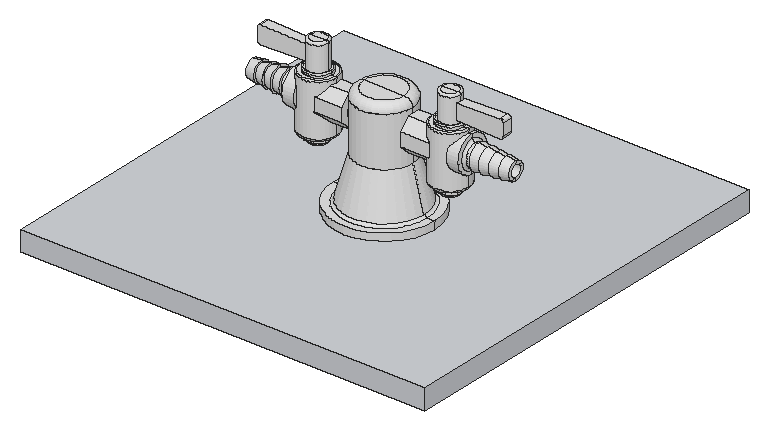
Revit family
Parameters (values of type "TG39C")
  WELSRating_ANZRS = ""
  URL = "www.galvinengineering.com.au"
  Type Comments = "Recommended Working Pressure 1 to 3 kPa (AS 5601)"
  TurretType = Straight Turret : Straight Turret
  StyleOrType_ANZRS = "Plumbing Fixture"
  PlumbingMaterial_ANZRS = Metal_Taps_DR-Brass-with-Chrome-Finish_10800
  Outlet = "Straight Turret"
  ModifiedIssue_ANZRS = 20120407.01  # constant formula
  Model = "TG39C"
  MinimumTemperature = 0 °C
  MinimumPressure = 0.00 kPa
  MaximumTemperature = 60 °C
  MaximumPressure = 7.00 kPa
  Manufacturer = "Galvin Engineering"
  Keynote = "10800"
  Instructions = "http://www.galvinengineering.com.au/Installation_Guides_1.aspx"
  Inlet = "15 BSP Male (15mm BSP female inlet available on request)"
  FlowRate = 0.023 m³/h
  FilterObject_ANZRS = "TG39"
  Description = "CP Lab 2-Way Straight Turret Type 39 - 180º"
  Default Elevation = 900 mm
  CreatedBy_ANZRS = "Galvin Engineering"
  CreatedByURL_ANZRS = "www.galvinengineering.com.au"
  CreatedByPhoneNo_ANZRS = "61-8-92495900"
  Circulation_ANZRS = yes
  Assembly Code = "D2090100"
Types (5, lengths in mm): name | TurretType | PlumbingMaterial_ANZRS | Outlet | Model | Description
  (no name) | Straight Turret : Straight Turret | Metal_Taps_DR-Brass-with-Chrome-Finish_10800 | "Straight Turret" | "TG39C" | "CP Lab 2-Way Straight Turret Type 39 - 180º"
  TG39C | Straight Turret : Straight Turret | Metal_Taps_DR-Brass-with-Chrome-Finish_10800 | "Straight Turret" | "TG39C" | "CP Lab 2-Way Straight Turret Type 39 - 180º"
  TG39RAC | Right Angle Turret : Right Angle Turret | Metal_Taps_DR-Brass-with-Chrome-Finish_10800 | "Right Angle Turret" | "TG39RAC" | "CP Lab 2-Way Right Angle Turret Type 39 - 180º"
  TG39E | Straight Turret : Straight Turret | Metal_Taps_DR-Brass-with-Epoxy-Coating_10800 | "Straight Turret" | "TG39C" | "Epoxy Coated Lab 2-Way Straight Turret Type 39 - 180º"
  TG39RAE | Right Angle Turret : Right Angle Turret | Metal_Taps_DR-Brass-with-Epoxy-Coating_10800 | "Right Angle Turret" | "TG39RAC" | "Epoxy Coated Lab 2-Way Right Angle Turret Type 39 - 180º"
Reference planes
  plane 1 "Center (Front/Back)": y = 0
  plane 2 "Face": z = 0
  plane 3 "Center (Left/Right)": x = 0
Forms (mm)
  Extrusion 1, solid
    sketch origin (0, -919.2, 0) x (1, 0, 0) y (0, 1, 0)
      loop
        line (-100, 1019.2) -> (-100, 819.2) -> (100, 819.2) -> (100, 1019.2) -> (-100, 1019.2)
    from 0 to -10
  Revolve 2, solid, material "Metal_Taps_DR-Brass-with-Chrome-Finish_10800" <- "PlumbingMaterial_ANZRS"
    sketch origin (0, 0, 0) x (1, 0, 0) y (0, 0, 1)
      loop
        line (-13.85, 25.5) -> (-19.692, 4.793)
        arc (-19.692, 4.793) -> (-20.23, 4.004) -> (-21.135, 3.7) r 1.5
        line (-21.135, 3.7) -> (-25, 3.7) -> (-25, 0) -> (0, 0) -> (0, 54) -> (-9.85, 54)
        arc (-9.85, 54) -> (-12.678, 52.828) -> (-13.85, 50) r 4
        line (-13.85, 50) -> (-13.85, 25.5)
      axis (0, 54) -> (0, 0)
    angle from 0 to 360
  Extrusion 3, solid, material "Metal_Taps_DR-Brass-with-Chrome-Finish_10800" <- "PlumbingMaterial_ANZRS"
    sketch origin (0, 0, 0) x (0, 1, 0) y (0, 0, 1)
      loop
        circle (0, 40.019) r 4.85
    from 11.787 to 14.646
  Extrusion 4, solid, material "Metal_Taps_DR-Brass-with-Chrome-Finish_10800" <- "PlumbingMaterial_ANZRS"
    sketch origin (0, 0, 0) x (0, 1, 0) y (0, 0, -1)
      loop
        circle (0, -40.019) r 4.85
    from 11.787 to 14.646
Cuts and joins
  joined: Revolve 2, Extrusion 3, Extrusion 4
Lines and regions (mm)
  symbolic lines, style "Taps/Mixers"
    curve 1: arc (0, 21.135, 3.7) -> (0, 20.23, 4.004) -> (0, 19.692, 4.793) r 1.5
    curve 2: arc (0, -19.692, 4.793) -> (0, -20.23, 4.004) -> (0, -21.135, 3.7) r 1.5
    curve 3: arc (0, -13.85, 50) -> (0, -12.678, 52.828) -> (0, -9.85, 54) r 4
    curve 4: arc (0, 9.85, 54) -> (0, 12.678, 52.828) -> (0, 13.85, 50) r 4
    curve 5: line (0, -19.692, 4.793) -> (0, -13.85, 25.5)
    curve 6: line (0, -13.85, 25.5) -> (0, -8.982, 25.5)
    curve 7: line (0, 19.692, 4.793) -> (0, 13.85, 25.5)
    curve 8: line (0, -25, 3.7) -> (0, -25, 0)
    curve 9: line (0, 25, 0) -> (0, 25, 3.7)
    curve 10: line (0, 25, 3.7) -> (0, -25, 3.7)
    curve 11: line (0, 13.85, 25.5) -> (0, 13.85, 50)
    curve 12: line (0, -13.85, 25.5) -> (0, -13.85, 50)
    curve 13: line (0, 9.85, 54) -> (0, 4.995, 54)
    curve 14: line (0, -25, 0) -> (0, 25, 0)
    curve 15: arc (18.581, 8, 0) -> (-20.23, 0, 0) -> (18.581, -8, 0) r 20.23
    curve 16: circle (0, 0, 0) r 13.85 normal (0, 0, 1)
    curve 17: arc (24.213, 8, 0) -> (-0.032, 25.5, 0) -> (-24.232, 7.94, 0) r 25.5
    curve 18: arc (-21.135, 0, 3.7) -> (-20.23, 0, 4.004) -> (-19.692, 0, 4.793) r 1.5
    curve 19: arc (19.692, 0, 4.793) -> (20.23, 0, 4.004) -> (21.135, 0, 3.7) r 1.5
    curve 20: arc (13.85, 0, 50) -> (12.678, 0, 52.828) -> (9.85, 0, 54) r 4
    curve 21: arc (-9.85, 0, 54) -> (-12.678, 0, 52.828) -> (-13.85, 0, 50) r 4
    curve 22: line (19.692, 0, 4.793) -> (13.85, 0, 25.5)
    curve 23: line (-19.692, 0, 4.793) -> (-13.85, 0, 25.5)
    curve 24: line (25, 0, 3.7) -> (25, 0, 0)
    curve 25: line (-25, 0, 0) -> (-25, 0, 3.7)
    curve 26: line (-25, 0, 3.7) -> (25, 0, 3.7)
    curve 27: line (-13.85, 0, 25.5) -> (-13.85, 0, 50)
    curve 28: line (13.85, 0, 25.5) -> (13.85, 0, 50)
    curve 29: line (-9.85, 0, 54) -> (9.85, 0, 54)
    curve 30: line (25, 0, 0) -> (-25, 0, 0)
    curve 31: line (14.646, -4.85, 0) -> (12.973, -4.85, 0)
    curve 32: line (14.646, 4.85, 0) -> (12.973, 4.85, 0)
    curve 33: line (13.85, 0, 25.5) -> (-13.85, 0, 25.5)
    curve 34: line (14.646, 0, 44.869) -> (13.85, 0, 44.869)
    curve 35: line (14.646, 0, 35.169) -> (13.85, 0, 35.169)
    curve 36: line (-14.646, 0, 44.869) -> (-13.85, 0, 44.869)
    curve 37: line (-14.646, 0, 35.169) -> (-13.85, 0, 35.169)
    curve 38: line (-14.646, -4.85, 0) -> (-12.973, -4.85, 0)
    curve 39: line (-14.646, 4.85, 0) -> (-12.973, 4.85, 0)
    curve 40: line (0, 8.995, 25.5) -> (0, 13.85, 25.5)
    curve 41: line (0, -4.985, 54) -> (0, -9.85, 54)
    curve 42: arc (-24.186, -8.08, 0) -> (0.042, -25.5, 0) -> (24.213, -8, 0) r 25.5
Dimensions and locks
  aligned and locked: plane 2 "Face" to Extrusion 1
  aligned and locked: level to Extrusion 1
Nested families
  nested 1: "Straight Turret" at (14.65, 0, 40) x (0, 1, 0) z (0, 0, 1), type <- "TurretType", type "Straight Turret"
  nested 2: "Straight Turret" at (-14.65, 0, 40) x (0, 1, 0) z (0, 0, 1), type <- "TurretType", type "Straight Turret"
Connectors
  piping at (0, 0, 0), driven by "FlowRate"
    settings: on cut or joined group of Revolve 2, Extrusion 3, Extrusion 4, index 1, connector radius 0.29528", flow factor 0, pipe flow 0.023 m³/h, pressure drop 0.00 kPa, fitting loss kfactor 0, connector angle 0.00°, fixture units 0, flow configuration 1, flow direction 1, fitting loss method 0, system type 22, connector reference index -1, connector utility 0, adjustable connector no, is connector primary yes, fitting loss table "", connector description "Gas"
Definition of nested family "Straight Turret"
  Parameters (values of type "X_StraightTurret")
    PlumbingMaterial_ANZRS = Metal_Taps_DR-Brass-with-Chrome-Finish_10800
    Assembly Code = ""
  Reference planes
    plane 1 "Center (Front/Back)": y = 0
    plane 2: z = 0
    plane 3 "Center (Left/Right)": x = 0
  Forms (mm)
    Revolve 1, solid, material "Metal_Taps_DR-Brass-with-Chrome-Finish_10800" <- "PlumbingMaterial_ANZRS"
      sketch origin (0, 14.646, -40.019) x (0, -1, 0) y (0, 0, 1)
        loop
          line (36.646, 65) -> (32.646, 65) -> (32.646, 24.019) -> (41.146, 24.019)
          arc (41.146, 24.019) -> (41.5, 24.165) -> (41.646, 24.519) r 0.5
          line (41.646, 24.519) -> (41.646, 50.019)
          arc (41.646, 50.019) -> (41.5, 50.372) -> (41.146, 50.519) r 0.5
          line (41.146, 50.519) -> (39.146, 50.519) -> (39.146, 51.519)
          arc (39.146, 51.519) -> (39, 51.872) -> (38.646, 52.019) r 0.5
          line (38.646, 52.019) -> (37.646, 52.019) -> (37.646, 64)
          arc (37.646, 64) -> (37.353, 64.707) -> (36.646, 65) r 1
        loop
          line (32.646, 19.519) -> (36.646, 19.519)
          arc (36.646, 19.519) -> (37, 19.665) -> (37.146, 20.019) r 0.5
          line (37.146, 20.019) -> (37.146, 21.269) -> (32.646, 21.269) -> (32.646, 19.519)
        axis (32.646, 65) -> (32.646, 19.519)
      angle from 0 to 360
    Extrusion 2, solid, material "Metal_Taps_DR-Brass-with-Chrome-Finish_10800" <- "PlumbingMaterial_ANZRS"
      sketch origin (0, 14.646, -96.882) x (1, 0, 0) y (0, 0, 1)
        loop
          line (-8, 93.568) -> (-3.314, 88.882) -> (3.314, 88.882) -> (8, 93.568) -> (8, 100.196) -> (3.314, 104.882) -> (-3.314, 104.882) -> (-8, 100.196) -> (-8, 93.568)
      from 14.646 to 32.646
    Extrusion 3, solid, material "Metal_Taps_DR-Brass-with-Chrome-Finish_10800" <- "PlumbingMaterial_ANZRS"
      sketch origin (0, 95.559, -40.019) x (0, -1, 0) y (1, 0, 0)
        loop
          line (111.178, -5.75) -> (115.941, -5.75) -> (119.309, -2.382) -> (119.309, 2.382) -> (115.941, 5.75) -> (111.178, 5.75) -> (107.809, 2.382) -> (107.809, -2.382) -> (111.178, -5.75)
      from 21.269 to 24.019
    Revolve 4, solid, material "Metal_Taps_DR-Brass-with-Chrome-Finish_10800" <- "PlumbingMaterial_ANZRS"
      sketch origin (0, 14.646, -40.019) x (0, -1, 0) y (0, 0, 1)
        loop
          line (43.5, 48.769) -> (37.728, 48.769) -> (37.728, 40.019) -> (47, 40.019) -> (47, 43.019) -> (65, 43.019) -> (65, 44.319) -> (60.5, 45.019) -> (60.5, 44.219) -> (56, 45.519) -> (56, 44.719) -> (51.5, 46.019) -> (51.5, 45.219) -> (47, 46.219) -> (47, 45.419) -> (45, 45.419)
          arc (45, 45.419) -> (43.939, 45.858) -> (43.5, 46.919) r 1.5
          line (43.5, 46.919) -> (43.5, 48.769)
        axis (65, 40.019) -> (37.728, 40.019)
      angle from 0 to 360
    Extrusion 5, solid, material "Metal_Taps_DR-Brass-with-Chrome-Finish_10800" <- "PlumbingMaterial_ANZRS"
      sketch origin (0, 14.646, -40.019) x (0, -1, 0) y (0, 0, 1)
        loop
          line (32.646, 61.44) -> (32.646, 54.079) -> (59.103, 53.313)
          arc (59.103, 53.313) -> (60.191, 53.737) -> (60.646, 54.813) r 1.5
          line (60.646, 54.813) -> (60.646, 60.706)
          arc (60.646, 60.706) -> (60.191, 61.782) -> (59.103, 62.205) r 1.5
          line (59.103, 62.205) -> (32.646, 61.44)
      from -2.248 to 2.252
  Cuts and joins
    joined: Revolve 1, Extrusion 2, Revolve 4, Extrusion 5
  Lines and regions (mm)
    symbolic lines, style "Taps/Mixers"
      curve 1: arc (0, -14, 24.981) -> (0, -13.293, 24.688) -> (0, -13, 23.981) r 1
      curve 2: arc (0, -13.5, -20) -> (0, -13.646, -20.354) -> (0, -14, -20.5) r 0.5
      curve 3: arc (0, -12.25, -18.25) -> (0, -13.875, -18.75) -> (0, -15.5, -18.25) r 2.89
      curve 4: arc (0, -9, 8) -> (0, -10.372, 5.365) -> (0, -12.457, 3.25) r 10
      curve 5: arc (0, -12.75, -15.5) -> (0, -12.896, -15.854) -> (0, -13.25, -16) r 0.5
      curve 6: arc (0, -9, -10.5) -> (0, -9.146, -10.854) -> (0, -9.5, -11) r 0.5
      curve 7: arc (0, -12.442, -3.239) -> (0, -10.363, -5.361) -> (0, -9, -8) r 10
      curve 8: arc (0, -12.75, -11.5) -> (0, -12.604, -11.146) -> (0, -12.25, -11) r 0.5
      curve 9: arc (0, -9.5, 10.5) -> (0, -9.146, 10.354) -> (0, -9, 10) r 0.5
      curve 10: arc (0, -12, 12) -> (0, -11.646, 11.854) -> (0, -11.5, 11.5) r 0.5
      curve 11: arc (0, -27, 8.75) -> (0, -23.082, 0) -> (0, -27, -8.75) r 11.73
      curve 12: arc (0, -22, -20.5) -> (0, -22.354, -20.354) -> (0, -22.5, -20) r 0.5
      curve 13: arc (0, -20.5, -18.25) -> (0, -22.125, -18.75) -> (0, -23.75, -18.25) r 2.89
      curve 14: arc (0, -15.5, -18.25) -> (0, -18, -18.75) -> (0, -20.5, -18.25) r 6.5
      curve 15: arc (0, -26.5, -16) -> (0, -26.854, -15.854) -> (0, -27, -15.5) r 0.5
      curve 16: arc (0, -30.354, -5.6) -> (0, -29.293, -6.039) -> (0, -28.854, -7.1) r 1.5
      curve 17: arc (0, -28.354, -8.75) -> (0, -28.707, -8.604) -> (0, -28.854, -8.25) r 0.5
      curve 18: arc (0, -23, 23.981) -> (0, -22.707, 24.688) -> (0, -22, 24.981) r 1
      curve 19: arc (0, -27, 10) -> (0, -26.854, 10.354) -> (0, -26.5, 10.5) r 0.5
      curve 20: arc (0, -24.5, 11.5) -> (0, -24.354, 11.854) -> (0, -24, 12) r 0.5
      curve 21: arc (0, -28.854, 7.1) -> (0, -29.293, 6.039) -> (0, -30.354, 5.6) r 1.5
      curve 22: arc (0, -44.457, 13.295) -> (0, -45.545, 13.718) -> (0, -46, 14.794) r 1.5
      curve 23: arc (0, -46, 20.687) -> (0, -45.545, 21.763) -> (0, -44.457, 22.187) r 1.5
      curve 24: line (0, -9, 10) -> (0, -9, 8)
      curve 25: line (0, -9, 8) -> (0, 0, 8)
      curve 26: line (0, 0, 8) -> (0, 0, -8)
      curve 27: line (0, 0, -8) -> (0, -9, -8)
      curve 28: line (0, -9, -10.5) -> (0, -9, -8)
      curve 29: line (0, 0, -3.25) -> (0, -12.457, -3.25)
      curve 30: line (0, -12.457, -3.25) -> (0, -12.457, 3.25)
      curve 31: line (0, -12.457, 3.25) -> (0, 0, 3.25)
      curve 32: line (0, -45.854, 5) -> (0, -45.854, -5)
      curve 33: line (0, -45.854, -5) -> (0, -50.354, -4.338)
      curve 34: line (0, -45.854, 5) -> (0, -50.354, 4.3)
      curve 35: line (0, -50.354, 4.3) -> (0, -50.354, -4.338)
      curve 36: line (0, -9.5, 10.5) -> (0, -26.5, 10.5)
      curve 37: line (0, -12, 12) -> (0, -24, 12)
      curve 38: line (0, -13.5, -18.75) -> (0, -22.5, -18.75)
      curve 39: line (0, -22.5, -18.75) -> (0, -22.5, -20)
      curve 40: line (0, -26.5, -16) -> (0, -13.25, -16)
      curve 41: line (0, -12.75, -15.5) -> (0, -12.75, -11.5)
      curve 42: line (0, -12.25, -14.5) -> (0, -12.25, -18.25)
      curve 43: line (0, -13.5, -20) -> (0, -13.5, -18.75)
      curve 44: line (0, -12.25, -11) -> (0, -9.5, -11)
      curve 45: line (0, -13, 23.981) -> (0, -13, 12)
      curve 46: line (0, -11.5, 11.5) -> (0, -11.5, 10.5)
      curve 47: line (0, -23, 13.915) -> (0, -44.457, 13.295)
      curve 48: line (0, -23, 21.566) -> (0, -44.457, 22.187)
      curve 49: line (0, -32.354, 5.6) -> (0, -30.354, 5.6)
      curve 50: line (0, -32.354, -5.6) -> (0, -30.354, -5.6)
      curve 51: line (0, -28.854, 8.25) -> (0, -28.854, -8.25)
      curve 52: line (0, -22, -20.5) -> (0, -14, -20.5)
      curve 53: line (0, -15.5, -18.25) -> (0, -15.5, -16)
      curve 54: line (0, -20.5, -16) -> (0, -20.5, -18.25)
      curve 55: line (0, -28.354, -8.75) -> (0, -27, -8.75)
      curve 56: line (0, -27, -8.75) -> (0, -27, -15.5)
      curve 57: line (0, -23.75, -18.25) -> (0, -23.75, -16)
      curve 58: line (0, -14, 24.981) -> (0, -22, 24.981)
      curve 59: line (0, -23, 23.981) -> (0, -23, 12)
      curve 60: line (0, -24.5, 11.5) -> (0, -24.5, 10.5)
      curve 61: line (0, -27, 10) -> (0, -27, 8.75)
      curve 62: line (0, -27, 8.75) -> (0, -28.354, 8.75)
      curve 63: line (0, -36.854, -6) -> (0, -36.854, 6)
      curve 64: line (0, -36.854, 6) -> (0, -41.354, 5)
      curve 65: line (0, -41.354, -5.5) -> (0, -41.354, 5.5)
      curve 66: line (0, -41.354, 5.5) -> (0, -45.854, 4.5)
      curve 67: line (0, -32.354, 6.2) -> (0, -32.354, -6.2)
      curve 68: line (0, -32.354, -6.2) -> (0, -36.854, -5.2)
      curve 69: line (0, -41.354, -5) -> (0, -36.854, -6)
      curve 70: line (0, -45.854, -4.5) -> (0, -41.354, -5.5)
      curve 71: line (0, -36.854, 5.2) -> (0, -32.354, 6.2)
      curve 72: line (0, -46, 20.687) -> (0, -46, 14.794)
      curve 73: arc (0, -28.354, 8.75) -> (0, -28.707, 8.604) -> (0, -28.854, 8.25) r 0.5
      curve 74: line (0, -12.25, -14.5) -> (0, -12.75, -14.5)
      curve 75: arc (-5.602, -30.354, 0) -> (-5.989, -29.459, 0) -> (-6.752, -28.854, 0) r 2
      curve 76: arc (2.25, -26.714, 0) -> (0, -9, 0) -> (-2.25, -26.714, 0) r 9
      curve 77: circle (-0.002, -18, 0) r 5 normal (0, 0, 1)
      curve 79: arc (6.748, -28.854, 0) -> (5.984, -29.459, 0) -> (5.598, -30.354, 0) r 2
      curve 80: arc (1.25, -46.02, 0) -> (1.957, -45.727, 0) -> (2.25, -45.02, 0) r 1
      curve 81: arc (-2.25, -45.02, 0) -> (-1.957, -45.727, 0) -> (-1.25, -46.02, 0) r 1
      curve 82: line (-2.25, -28.854, 0) -> (-6.752, -28.854, 0)
      curve 83: line (-6.752, -28.854, 0) -> (-6.752, -23.95, 0)
      curve 84: line (-8, -13.877, 0) -> (-8, 0, 0)
      curve 85: line (-8, 0, 0) -> (8, 0, 0)
      curve 86: line (8, 0, 0) -> (8, -13.877, 0)
      curve 87: line (-2.25, -32.354, 0) -> (-6.202, -32.354, 0)
      curve 88: line (-6.202, -32.354, 0) -> (-5.202, -36.854, 0)
      curve 89: line (2.25, -32.354, 0) -> (6.198, -32.354, 0)
      curve 90: line (6.198, -32.354, 0) -> (5.198, -36.854, 0)
      curve 91: line (2.25, -45.02, 0) -> (2.25, -22.464, 0)
      curve 92: line (-2.25, -45.02, 0) -> (-2.25, -22.466, 0)
      curve 93: line (-3.25, -9.607, 0) -> (-3.25, 0, 0)
      curve 94: line (3.25, -9.607, 0) -> (3.25, 0, 0)
      curve 95: line (-5.602, -30.354, 0) -> (-5.602, -32.354, 0)
      curve 96: line (6.748, -23.956, 0) -> (6.748, -28.854, 0)
      curve 97: line (6.748, -28.854, 0) -> (2.25, -28.854, 0)
      curve 98: line (5.598, -30.354, 0) -> (5.598, -32.354, 0)
      curve 99: line (-2.25, -36.854, 0) -> (-6.002, -36.854, 0)
      curve 100: line (-6.002, -36.854, 0) -> (-5.002, -41.354, 0)
      curve 101: line (-2.25, -41.354, 0) -> (-5.502, -41.354, 0)
      curve 102: line (-5.502, -41.354, 0) -> (-4.502, -45.854, 0)
      curve 103: line (-1.25, -46.02, 0) -> (1.25, -46.02, 0)
      curve 104: line (2.25, -36.854, 0) -> (5.998, -36.854, 0)
      curve 105: line (5.998, -36.854, 0) -> (4.998, -41.354, 0)
      curve 106: line (2.25, -41.354, 0) -> (5.498, -41.354, 0)
      curve 107: line (5.498, -41.354, 0) -> (4.498, -45.854, 0)
      curve 108: line (-5.002, -45.854, 0) -> (4.998, -45.854, 0)
      curve 109: line (4.998, -45.854, 0) -> (4.367, -49.909, 0)
      curve 110: line (3.848, -50.354, 0) -> (-3.872, -50.354, 0)
      curve 111: line (-4.368, -49.929, 0) -> (-5.002, -45.854, 0)
      curve 112: arc (-3.872, -50.354, 0) -> (-4.199, -50.233, 0) -> (-4.368, -49.929, 0) r 0.502
      curve 113: arc (4.367, -49.909, 0) -> (4.189, -50.228, 0) -> (3.848, -50.354, 0) r 0.525
      curve 114: arc (-4, 0, 25) -> (-4.707, 0, 24.707) -> (-5, 0, 24) r 1
      curve 115: arc (-4.5, 0, -19.981) -> (-4.354, 0, -20.335) -> (-4, 0, -20.481) r 0.5
      curve 116: arc (-5.75, 0, -18.231) -> (-4.125, 0, -18.731) -> (-2.5, 0, -18.231) r 2.89
      curve 117: arc (-8.5, 0, 10.519) -> (-8.854, 0, 10.372) -> (-9, 0, 10.019) r 0.5
      curve 118: arc (-6, 0, 12.019) -> (-6.354, 0, 11.872) -> (-6.5, 0, 11.519) r 0.5
      curve 119: arc (4, 0, -20.481) -> (4.354, 0, -20.335) -> (4.5, 0, -19.981) r 0.5
      curve 120: arc (2.5, 0, -18.231) -> (4.125, 0, -18.731) -> (5.75, 0, -18.231) r 2.89
      curve 121: arc (-2.5, 0, -18.231) -> (0, 0, -18.731) -> (2.5, 0, -18.231) r 6.5
      curve 122: arc (8.5, 0, -15.981) -> (8.854, 0, -15.835) -> (9, 0, -15.481) r 0.5
      curve 123: arc (5, 0, 24) -> (4.707, 0, 24.707) -> (4, 0, 25) r 1
      curve 124: arc (9, 0, 10.019) -> (8.854, 0, 10.372) -> (8.5, 0, 10.519) r 0.5
      curve 125: arc (6.5, 0, 11.519) -> (6.354, 0, 11.872) -> (6, 0, 12.019) r 0.5
      curve 126: line (-9, 0, -15.481) -> (-9, 0, 10.019)
      curve 127: line (-8.5, 0, 10.519) -> (8.5, 0, 10.519)
      curve 128: line (-6, 0, 12.019) -> (6, 0, 12.019)
      curve 129: line (-4.5, 0, -18.731) -> (4.5, 0, -18.731)
      curve 130: line (4.5, 0, -18.731) -> (4.5, 0, -19.981)
      curve 131: line (8.5, 0, -15.981) -> (-8.5, 0, -15.981)
      curve 132: line (-5.75, 0, -15.981) -> (-5.75, 0, -18.231)
      curve 133: line (-4.5, 0, -19.981) -> (-4.5, 0, -18.731)
      curve 134: line (-5, 0, 24) -> (-5, 0, 12.019)
      curve 135: line (-6.5, 0, 11.519) -> (-6.5, 0, 10.519)
      curve 136: line (4, 0, -20.481) -> (-4, 0, -20.481)
      curve 137: line (-2.5, 0, -18.231) -> (-2.5, 0, -15.981)
      curve 138: line (2.5, 0, -15.981) -> (2.5, 0, -18.231)
      curve 139: line (9, 0, 10.019) -> (9, 0, -15.481)
      curve 140: line (5.75, 0, -18.231) -> (5.75, 0, -15.981)
      curve 141: line (-4, 0, 25) -> (4, 0, 25)
      curve 142: line (5, 0, 24) -> (5, 0, 12.019)
      curve 143: line (6.5, 0, 11.519) -> (6.5, 0, 10.519)
      curve 144: arc (-8.5, 0, -15.981) -> (-8.854, 0, -15.835) -> (-9, 0, -15.481) r 0.5
      curve 145: line (-2.252, 0, 23.206) -> (-2.252, 0, 13.813)
      curve 146: line (2.248, 0, 13.813) -> (2.248, 0, 23.206)
      curve 147: line (-1.752, 0, 23.706) -> (1.748, 0, 23.706)
      curve 148: line (-1.752, 0, 13.313) -> (1.748, 0, 13.313)
      curve 149: circle (0, 0, 0) r 4.319 normal (0, -1, 0)
      curve 150: circle (0, 0, 0.019) r 8.763 normal (0, -1, 0)
      curve 151: circle (0, 0, 0.019) r 7.1 normal (0, -1, 0)
      curve 152: circle (0, 0, 0) r 3.3 normal (0, -1, 0)
      curve 153: arc (-1.752, 0, 23.706) -> (-2.106, 0, 23.56) -> (-2.252, 0, 23.206) r 0.5
      curve 154: arc (1.748, 0, 23.706) -> (2.101, 0, 23.56) -> (2.248, 0, 23.206) r 0.5
      curve 155: arc (-2.252, 0, 13.813) -> (-2.106, 0, 13.459) -> (-1.752, 0, 13.313) r 0.5
      curve 156: arc (1.748, 0, 13.313) -> (2.101, 0, 13.459) -> (2.248, 0, 13.813) r 0.5
    symbolic lines, style "Taps/Mixers", detail levels medium+fine
      curve 78: arc (2.25, -24.098, 0) -> (0, -11.5, 0) -> (-2.25, -24.098, 0) r 6.5
  Dimensions and locks
    aligned and locked: plane 2 to level
